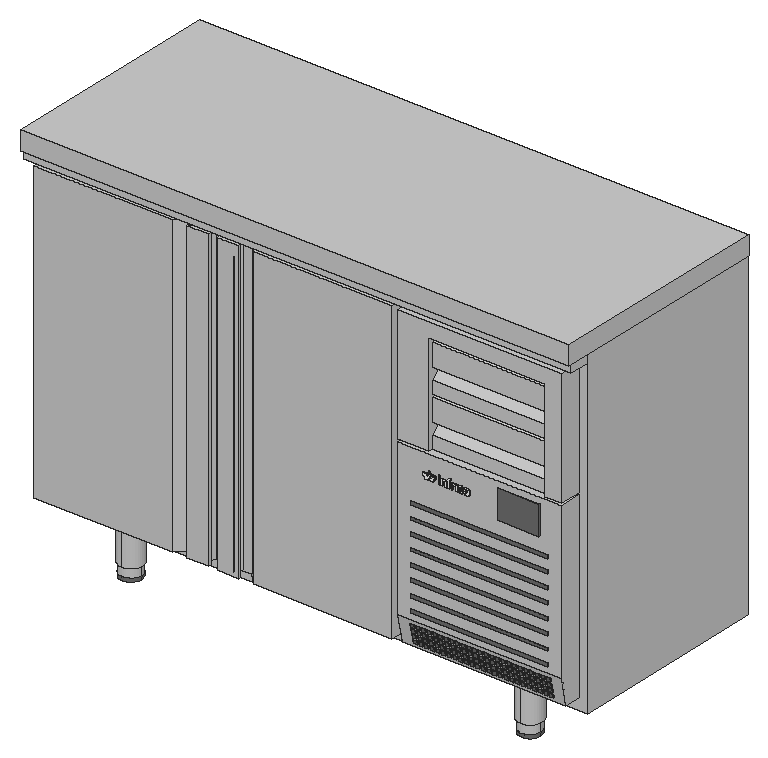
Revit family "QF_INFRICO_FMPP1500II_250812090517", category Specialty Equipment, Revit 2021 (continued)
Definition of nested family "QF_INFRICO_LEGS_7294"
  Forms (mm)
    Extrusion 1, solid
      sketch origin (0, 0, 140) x (0, 1, 0) y (-1, 0, 0)
        loop
          line (-568, -154.986) -> (-668, -154.986) -> (-668, -244.986) -> (-568, -244.986) -> (-568, -154.986)
      from 0 to -3
    Extrusion 2, solid
      sketch origin (0, 0, 0) x (1, 0, 0) y (0, 1, 0)
        loop
          circle (199.986, -618) r 28
      from 9 to 35
    Extrusion 3, solid
      sketch origin (0, 0, 0) x (1, 0, 0) y (0, 1, 0)
        loop
          circle (199.986, -618) r 28.5
      from 0 to 9
    Sweep 4, solid
      path origin (0, 0, 0) x (0, 1, 0) y (0, 0, 1)
        loop
          line (-618, 35) -> (-618, 137)
      profile origin (0, -618, 86) x (0, -1, 0) y (1, 0, 0)
        loop
          circle (0, 199.986) r 32
    Extrusion 5, solid
      sketch origin (0, 500, 140) x (0, 1, 0) y (-1, 0, 0)
        loop
          line (-530, -154.986) -> (-630, -154.986) -> (-630, -244.986) -> (-530, -244.986) -> (-530, -154.986)
      from 0 to -3
    Extrusion 6, solid
      sketch origin (0, 500, 0) x (1, 0, 0) y (0, 1, 0)
        loop
          circle (199.986, -580) r 28
      from 9 to 35
    Extrusion 7, solid
      sketch origin (0, 500, 0) x (1, 0, 0) y (0, 1, 0)
        loop
          circle (199.986, -580) r 28.5
      from 0 to 9
    Sweep 8, solid
      path origin (0, 500, 0) x (0, 1, 0) y (0, 0, 1)
        loop
          line (-580, 35) -> (-580, 137)
      profile origin (0, -80, 86) x (0, -1, 0) y (1, 0, 0)
        loop
          circle (0, 199.986) r 32
    Extrusion 9, solid
      sketch origin (1560, 0, 140) x (0, 1, 0) y (-1, 0, 0)
        loop
          line (-568, -379.986) -> (-668, -379.986) -> (-668, -469.986) -> (-568, -469.986) -> (-568, -379.986)
      from 0 to -3
    Extrusion 10, solid
      sketch origin (1560, 0, 0) x (1, 0, 0) y (0, 1, 0)
        loop
          circle (424.986, -618) r 28
      from 9 to 35
    Extrusion 11, solid
      sketch origin (1560, 0, 0) x (1, 0, 0) y (0, 1, 0)
        loop
          circle (424.986, -618) r 28.5
      from 0 to 9
    Sweep 12, solid
      path origin (2185, 0, 0) x (0, -1, 0) y (0, 0, 1)
        loop
          line (618, 35) -> (618, 137)
      profile origin (2185, -618, 86) x (0, 1, 0) y (-1, 0, 0)
        loop
          circle (0, 199.986) r 32
    Extrusion 13, solid
      sketch origin (1560, 500, 140) x (0, 1, 0) y (-1, 0, 0)
        loop
          line (-530, -379.986) -> (-630, -379.986) -> (-630, -469.986) -> (-530, -469.986) -> (-530, -379.986)
      from 0 to -3
    Extrusion 14, solid
      sketch origin (1560, 500, 0) x (1, 0, 0) y (0, 1, 0)
        loop
          circle (424.986, -580) r 28
      from 9 to 35
    Extrusion 15, solid
      sketch origin (1560, 500, 0) x (1, 0, 0) y (0, 1, 0)
        loop
          circle (424.986, -580) r 28.5
      from 0 to 9
    Sweep 16, solid
      path origin (2185, 0, 0) x (0, -1, 0) y (0, 0, 1)
        loop
          line (80, 35) -> (80, 137)
      profile origin (2185, -80, 86) x (0, 1, 0) y (-1, 0, 0)
        loop
          circle (0, 199.986) r 32
    Extrusion 17, solid, visible <- "CentralLegs"
      sketch origin (534.014, 0, 140) x (0, 1, 0) y (-1, 0, 0)
        loop
          line (-568, -513.486) -> (-668, -513.486) -> (-668, -603.486) -> (-568, -603.486) -> (-568, -513.486)
      from 0 to -3
    Extrusion 18, solid, visible <- "CentralLegs"
      sketch origin (534.014, 0, 0) x (1, 0, 0) y (0, 1, 0)
        loop
          circle (558.486, -618) r 28
      from 9 to 35
    Extrusion 19, solid, visible <- "CentralLegs"
      sketch origin (534.014, 0, 0) x (1, 0, 0) y (0, 1, 0)
        loop
          circle (558.486, -618) r 28.5
      from 0 to 9
    Sweep 20, solid, visible <- "CentralLegs"
      path origin (1092.5, 0, 0) x (0, -1, 0) y (0, 0, 1)
        loop
          line (618, 35) -> (618, 137)
      profile origin (1092.5, -618, 86) x (0, 1, 0) y (-1, 0, 0)
        loop
          circle (0, -0.014) r 32
    Extrusion 21, solid, visible <- "CentralLegs"
      sketch origin (534.014, 500, 140) x (0, 1, 0) y (-1, 0, 0)
        loop
          line (-530, -513.486) -> (-630, -513.486) -> (-630, -603.486) -> (-530, -603.486) -> (-530, -513.486)
      from 0 to -3
    Extrusion 22, solid, visible <- "CentralLegs"
      sketch origin (534.014, 500, 0) x (1, 0, 0) y (0, 1, 0)
        loop
          circle (558.486, -580) r 28
      from 9 to 35
    Extrusion 23, solid, visible <- "CentralLegs"
      sketch origin (534.014, 500, 0) x (1, 0, 0) y (0, 1, 0)
        loop
          circle (558.486, -580) r 28.5
      from 0 to 9
    Sweep 24, solid, visible <- "CentralLegs"
      path origin (1092.5, 0, 0) x (0, -1, 0) y (0, 0, 1)
        loop
          line (80, 35) -> (80, 137)
      profile origin (1092.5, -80, 86) x (0, 1, 0) y (-1, 0, 0)
        loop
          circle (0, -0.014) r 32
  Dimensions and locks
    "Length": plane 3 "Left" to plane 4 "Right"
    "Depth": plane 1 "Back" to plane 5 "Front"
    "Height": plane 6 "Top" to plane 2
    equal spacing: plane 3 "Left", plane 7 "Central", plane 4 "Right"
    locked: Sweep 20 sketch curve to profile plane at 0.014
    locked: Sweep 24 sketch curve to profile plane at 0.014
    aligned and locked: level to plane 2
  Automatic sketch dimensions
    plane 5 "Front" to Extrusion 1 sketch curve = 70 mm
    Extrusion 1 sketch curve to Extrusion 1 sketch curve = 100 mm
    plane 3 "Left" to Extrusion 1 sketch curve = 244.986 mm
    Extrusion 1 sketch curve to Extrusion 1 sketch curve = 90 mm
    plane 3 "Left" to Extrusion 2 sketch curve = 199.986 mm
    plane 5 "Front" to Extrusion 2 sketch curve = 120 mm
    plane 3 "Left" to Extrusion 3 sketch curve = 199.986 mm
    plane 5 "Front" to Extrusion 3 sketch curve = 120 mm
    Sweep 4 sketch curve to plane 6 "Top" = 3 mm
    plane 5 "Front" to Sweep 4 sketch curve = 120 mm
    level to Sweep 4 sketch curve = 35 mm
    Sweep 4 sketch curve to profile plane = 0 mm
    plane 3 "Left" to Sweep 4 sketch curve = 199.986 mm
    plane 1 "Back" to Extrusion 5 sketch curve = 130 mm
    plane 1 "Back" to Extrusion 5 sketch curve = 30 mm
    plane 3 "Left" to Extrusion 5 sketch curve = 244.986 mm
    Extrusion 5 sketch curve to Extrusion 5 sketch curve = 90 mm
    plane 1 "Back" to Extrusion 6 sketch curve = 80 mm
    plane 3 "Left" to Extrusion 6 sketch curve = 199.986 mm
    plane 1 "Back" to Extrusion 7 sketch curve = 80 mm
    plane 3 "Left" to Extrusion 7 sketch curve = 199.986 mm
    Sweep 8 sketch curve to plane 6 "Top" = 3 mm
    plane 1 "Back" to Sweep 8 sketch curve = 80 mm
    level to Sweep 8 sketch curve = 35 mm
    Sweep 8 sketch curve to profile plane = 0 mm
    plane 3 "Left" to Sweep 8 sketch curve = 199.986 mm
    plane 5 "Front" to Extrusion 9 sketch curve = 70 mm
    Extrusion 9 sketch curve to Extrusion 9 sketch curve = 100 mm
    plane 4 "Right" to Extrusion 9 sketch curve = 155.014 mm
    Extrusion 9 sketch curve to Extrusion 9 sketch curve = 90 mm
    plane 4 "Right" to Extrusion 10 sketch curve = 200.014 mm
    plane 5 "Front" to Extrusion 10 sketch curve = 120 mm
    plane 4 "Right" to Extrusion 11 sketch curve = 200.014 mm
    plane 5 "Front" to Extrusion 11 sketch curve = 120 mm
    Sweep 12 sketch curve to profile plane = 0 mm
    profile plane to Sweep 12 sketch curve = 199.986 mm
    plane 1 "Back" to Extrusion 13 sketch curve = 130 mm
    plane 1 "Back" to Extrusion 13 sketch curve = 30 mm
    plane 4 "Right" to Extrusion 13 sketch curve = 155.014 mm
    Extrusion 13 sketch curve to Extrusion 13 sketch curve = 90 mm
    plane 1 "Back" to Extrusion 14 sketch curve = 80 mm
    plane 4 "Right" to Extrusion 14 sketch curve = 200.014 mm
    plane 1 "Back" to Extrusion 15 sketch curve = 80 mm
    plane 4 "Right" to Extrusion 15 sketch curve = 200.014 mm
    Sweep 16 sketch curve to profile plane = 0 mm
    profile plane to Sweep 16 sketch curve = 199.986 mm
    plane 5 "Front" to Extrusion 17 sketch curve = 70 mm
    Extrusion 17 sketch curve to plane 7 "Central" = 45 mm
    Extrusion 17 sketch curve to Extrusion 17 sketch curve = 100 mm
    plane 7 "Central" to Extrusion 17 sketch curve = 45 mm
    Extrusion 18 sketch curve to plane 7 "Central" = 0 mm
    plane 5 "Front" to Extrusion 18 sketch curve = 120 mm
    Extrusion 19 sketch curve to plane 7 "Central" = 0 mm
    plane 5 "Front" to Extrusion 19 sketch curve = 120 mm
    Sweep 20 sketch curve to profile plane = 0 mm
    plane 7 "Central" to Extrusion 21 sketch curve = 45 mm
    plane 1 "Back" to Extrusion 21 sketch curve = 130 mm
    plane 1 "Back" to Extrusion 21 sketch curve = 30 mm
    Extrusion 21 sketch curve to plane 7 "Central" = 45 mm
    Extrusion 22 sketch curve to plane 7 "Central" = 0 mm
    plane 1 "Back" to Extrusion 22 sketch curve = 80 mm
    Extrusion 23 sketch curve to plane 7 "Central" = 0 mm
    plane 1 "Back" to Extrusion 23 sketch curve = 80 mm
    Sweep 24 sketch curve to profile plane = 0 mm
    Sweep 16 sketch curve to plane 6 "Top" = 3 mm
    plane 1 "Back" to Sweep 16 sketch curve = 80 mm
    level to Sweep 16 sketch curve = 35 mm
    Sweep 12 sketch curve to plane 6 "Top" = 3 mm
    plane 5 "Front" to Sweep 12 sketch curve = 120 mm
    level to Sweep 12 sketch curve = 35 mm
    Sweep 20 sketch curve to plane 6 "Top" = 3 mm
    plane 5 "Front" to Sweep 20 sketch curve = 120 mm
    level to Sweep 20 sketch curve = 35 mm
    Sweep 24 sketch curve to plane 6 "Top" = 3 mm
    plane 1 "Back" to Sweep 24 sketch curve = 80 mm
    level to Sweep 24 sketch curve = 35 mm
    radius of Extrusion 2 sketch curve = 28 mm
    radius of Extrusion 3 sketch curve = 28.5 mm
    radius of Sweep 4 sketch curve = 32 mm
    radius of Extrusion 6 sketch curve = 28 mm
    radius of Extrusion 7 sketch curve = 28.5 mm
    radius of Sweep 8 sketch curve = 32 mm
    radius of Extrusion 10 sketch curve = 28 mm
    radius of Extrusion 11 sketch curve = 28.5 mm
    radius of Sweep 12 sketch curve = 32 mm
    radius of Extrusion 14 sketch curve = 28 mm
    radius of Extrusion 15 sketch curve = 28.5 mm
    radius of Sweep 16 sketch curve = 32 mm
    radius of Extrusion 18 sketch curve = 28 mm
    radius of Extrusion 19 sketch curve = 28.5 mm
    radius of Sweep 20 sketch curve = 32 mm
    radius of Extrusion 22 sketch curve = 28 mm
    radius of Extrusion 23 sketch curve = 28.5 mm
    radius of Sweep 24 sketch curve = 32 mm
Definition of nested family "CONN_POINT_DRAIN_2D___Generic_Annotation"
  Parameters (values of type "CONN_POINT_DRAIN_2D___Generic_Annotation")
    Onboard connection annotation symbol visibility [instance] = yes
  Reference planes
    plane 1: y = 0
    plane 2: x = 0
  Lines and regions (mm)
    detail lines, visible <- "Onboard connection annotation symbol visibility"
      curve 1: circle (0, 0, 0) r 0.5 normal (0, 0, 1)
      curve 2: line (-1, 0, 0) -> (1, 0, 0)
      curve 3: line (0, 1, 0) -> (0, -1, 0)
      curve 4: line (1.776, 1, 0) -> (1.25, 1, 0)
      curve 5: line (1.25, 1, 0) -> (1.25, -1, 0)
      curve 6: line (1.25, -1, 0) -> (1.776, -1, 0)
      curve 7: arc (2.206, -0.862, 0) -> (2.459, -0.589, 0) -> (2.583, -0.238, 0) r 0.918
      curve 8: arc (2.583, 0.238, 0) -> (2.459, 0.589, 0) -> (2.206, 0.862, 0) r 0.918
      curve 9: arc (2.583, -0.238, 0) -> (2.599, 0, 0) -> (2.583, 0.238, 0) r 1.77
      curve 10: arc (2.206, 0.862, 0) -> (2.002, 0.965, 0) -> (1.776, 1, 0) r 0.741
      curve 11: arc (1.776, -1, 0) -> (2.002, -0.965, 0) -> (2.206, -0.862, 0) r 0.741
Definition of nested family "CONN_POINT_ELE_2D___Generic_Annotation"
  Parameters (values of type "CONN_POINT_ELE_2D___Generic_Annotation")
    Onboard connection annotation symbol visibility [instance] = yes
  Reference planes
    plane 1: y = 0
    plane 2: x = 0
  Lines and regions (mm)
    detail lines, visible <- "Onboard connection annotation symbol visibility"
      curve 1: circle (0, 0, 0) r 0.5 normal (0, 0, 1)
      curve 2: line (-1, 0, 0) -> (1, 0, 0)
      curve 3: line (0, 1, 0) -> (0, -1, 0)
      curve 4: line (2.5, 1, 0) -> (1.25, 1, 0)
      curve 5: line (1.25, 1, 0) -> (1.25, -1, 0)
      curve 6: line (1.25, -1, 0) -> (2.5, -1, 0)
      curve 7: line (1.25, 0, 0) -> (2, 0, 0)
